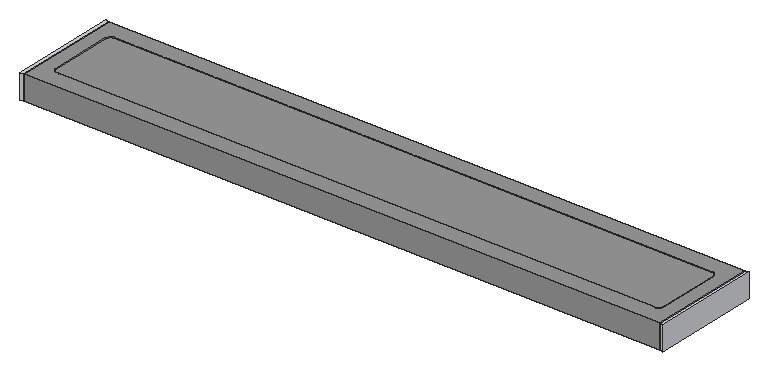
Revit family "0044071 Sylvania Lighting Fixture OPTIX S 1200 MPO DI HO 4000K WHITE", category Lighting Fixtures, host Face, Revit 2016
Family settings
  Host = Face
  Part Type = Normal
  Round Connector Dimension = Use Diameter
  OmniClass Number = 23.80.70.00
  OmniClass Title = Lighting
  Cut with Voids When Loaded = No
  Light Source = Yes
  Shared = No
  Room Calculation Point = No
Parameters (values of type "0044071 OPTIX S 1200 MPO D/I HO 4K WHITE")
  spacer height = 5 mm
  spacer centres = 1000 mm
  lens width = 1135 mm
  full length = 1200 mm
  Width = 200 mm
  Weight = "n/a"
  Wattage Comments = ""
  Wattage = 9.2903 W
  WarrantyStartDate [instance] = "n/a"
  WarrantyGuarantorParts = "n/a"
  WarrantyDurationUnit = "n/a"
  WarrantyDurationParts = ""
  WarrantyDescription = "http://www.sylvania-lighting.com"
  built-in parameter 1150110 = 1 (stored number, unit not read)
  Voltage = 0 V
  URL = "0.95"
  TypeName = "OPTIX S 1200 MPO D/I HO 4000K WHITE"
  Type Image = <None>
  Type Comments = "n/a"
  built-in parameter 1114217 = 1 (stored number, unit not read)
  Tilt Angle = 90.00°
  built-in parameter 1150109 = 1 (stored number, unit not read)
  built-in parameter 1150134 = 3
  built-in parameter 1150113 = 1 (stored number, unit not read)
  SerialNumber [instance] = "n/a"
  Photometric Web File = "0044071.ies"
  Material_3_FEILO = none
  PowerFactor = 0
  PowerConsumption = "Lighting"
  NominalLength = 200 mm
  NominalHeight = 0 mm
  NominalDepth = 0 mm
  Name = "OPTIX S 1200 MPO D/I HO 4000K WHITE"
  ModelReference = Name  # "OPTIX S 1200 MPO D/I HO 4000K WHITE"
  ModelNumber = "0044071"
  Model = Name  # "OPTIX S 1200 MPO D/I HO 4000K WHITE"
  Material = "Feilo Sylvania"
  ManufacturerName = "131 lm/W"
  Manufacturer = ""
  LuminousEfficacy = ""
  built-in parameter 1150105 = 109.82 (stored number, unit not read)
  Lumens = 1380 lm
  LuminaireType = "0"
  built-in parameter 1150115 = 1 (stored number, unit not read)
  LightOutputRatio = "LED"
  built-in parameter 1150137 = (empty or 0)
  built-in parameter 1150139 = (empty or 0)
  Lens Width = 135 mm
  Length = 1188 mm
  LampsType = Lamp  # "n/a"
  LampNominalLuminous = "4000 K"
  LampMacAdamStep = "80"
  LampColourTemperature = "LED"
  LampColourRenderingIndex = "16500"
  built-in parameter 1150112 = 1 (stored number, unit not read)
  built-in parameter 1150114 = 1 (stored number, unit not read)
  Lamp = "n/a"
  Keynote = "n/a"
  InstallationDate [instance] = "n/a"
  InputVoltage = "0"
  InputNominalFrequency = "4000"
  built-in parameter 1150132 = (empty or 0)
  built-in parameter 1150102 = (empty or 0)
  built-in parameter 1150107 = 3200 (stored number, unit not read)
  built-in parameter 1150138 = (empty or 0)
  IngressProtection = "IfcLightFixtureType"
  ImpactProtectionIndex = "IfcLightFixtureType"
  built-in parameter 1150106 = 1.0982 (stored number, unit not read)
  IfcExportType = "IfcLightFixtureType"
  IfcExportAs = "Class I"
  Height = 50 mm
  ExpectedLife = 50000
  Emit from Circle Diameter = 609.6 mm
  Emit Shape Visible in Rendering = no
  ElectricShockClassification = "131"
  built-in parameter 1150104 = 13.8 (stored number, unit not read)
  DurationUnit = "hours"
  DocumentationLiterature = "http://www.sylvania-lighting.com/product/en-int/products/0044071"
  DimmingControlOptions = "n/a"
  Material_2_FEILO = none
  Dimming Lamp Color Temperature Shift = <None>
  Description = "OPTIX S 1200 MPO D/I HO 4K WHITE is a high efficacy low glare surface or suspended LED Linear luminaire with Micro Prismatic Optic, with direct/indirect light distribution, luminaire dimensions: 1200x200x50mm, Sylvania White body colour (RAL9016), IP20, IK07, Constant Current driver, low LED flicker (+/-5%), Neutral White (4000K) LED Colour Temperature, 5770lm luminous flux, 44W power consumption, 131lm/W system efficacy, CRI>80, SDCM 3 (3-step MacAdam ellipse) LED Colour Consistency, UGR<18, Luminance at 65° < 3000 cd/m2, lumen maintenance: L90B50 at 60000h, photobiological safety risk group 1. Electrical protection Class I."
  Default Elevation = 1219.2 mm
  CreatedOn = "20/10/2020"
  CreatedBy = "@sylvania-lighting.com"
  Cost = 0
  Color Filter = 16777215
  built-in parameter 1114216 [instance] = (empty or 0)
  ClassificationValue = "EF_70_80"
  ClassificationName = "Uniclass2015"
  Material_1_FEILO = none
  BarCode [instance] = "n/a"
  built-in parameter 1114218 = 1 (stored number, unit not read)
  built-in parameter 1150133 = 10 (stored number, unit not read)
  AssetType = "Fixed"
  AssetIdentifier [instance] = "n/a"
  Assembly Code = "D5020200"
  Apparent Load = 44 VA
  Material_4_FEILO = none
Reference planes
  plane 1 "Center (Front/Back)": y = 0
  plane 2: z = 0
  plane 3 "Center (Left/Right)": x = 0
  plane 4: z = 0
  plane 5: z = 50
  plane 6: y = 100
  plane 7: y = -100
  plane 8: x = -594
  plane 9: x = 594
  plane 10: z = 5
  plane 11: x = -500
  plane 12: x = 500
  plane 13: y = 10
  plane 14: y = -10
  plane 15: x = 487.5
  plane 16: x = 512.5
  plane 17: x = -512.5
  plane 18: x = -487.5
  plane 19: x = -567.5
  plane 20: x = 567.5
  plane 21: y = 67.5
  plane 22: y = -67.5
  plane 23: x = -557.5
  plane 24: y = 57.5
  plane 25: y = -57.5
  plane 26: x = 557.5
  plane 27: x = -600
  plane 28: x = 600
Forms (mm)
  Extrusion 1, solid, material "Aluminum 1100-H18", detail levels medium+fine
    sketch origin (4.2, 0, 0) x (1, 0, 0) y (0, 1, 0)
      loop
        line (-598.2, 100) -> (-598.2, -100) -> (589.8, -100) -> (589.8, 100) -> (-598.2, 100)
    from 5 to 50
  Extrusion 2, solid
    sketch origin (4.2, 0, 0) x (1, 0, 0) y (0, 1, 0)
      loop
        line (483.3, 10) -> (483.3, -10) -> (508.3, -10) -> (508.3, 10) -> (483.3, 10)
    from 0 to 5
  Extrusion 3, solid
    sketch origin (4.2, 0, 0) x (1, 0, 0) y (0, 1, 0)
      loop
        line (-516.7, 10) -> (-516.7, -10) -> (-491.7, -10) -> (-491.7, 10) -> (-516.7, 10)
    from 0 to 5
  Extrusion 4, void, detail levels fine
    sketch origin (4.2, 0, 0) x (0, 1, 0) y (1, 0, 0)
      loop
        line (67.5, -561.7) -> (67.5, 553.3)
        arc (67.5, 553.3) -> (64.571, 560.371) -> (57.5, 563.3) r 10
        line (57.5, 563.3) -> (-57.5, 563.3)
        arc (-57.5, 563.3) -> (-64.571, 560.371) -> (-67.5, 553.3) r 10
        line (-67.5, 553.3) -> (-67.5, -561.7)
        arc (-67.5, -561.7) -> (-64.571, -568.771) -> (-57.5, -571.7) r 10
        line (-57.5, -571.7) -> (57.5, -571.7)
        arc (57.5, -571.7) -> (64.571, -568.771) -> (67.5, -561.7) r 10
    from -50 to -48
  Extrusion 5, solid, detail levels medium+fine
    sketch origin (4.2, 0, 0) x (1, 0, 0) y (0, 1, 0)
      loop
        line (-604.2, 100) -> (-604.2, -100) -> (-598.2, -100) -> (-598.2, 100) -> (-604.2, 100)
    from 5 to 50
  Extrusion 6, solid, detail levels medium+fine
    sketch origin (4.2, 0, 0) x (1, 0, 0) y (0, 1, 0)
      loop
        line (589.8, 100) -> (589.8, -100) -> (595.8, -100) -> (595.8, 100) -> (589.8, 100)
    from 5 to 50
  Extrusion 7, solid, material "Glass, White, High Luminance", detail levels fine
    sketch origin (4.2, 0, 0) x (1, 0, 0) y (0, 1, 0)
      loop
        arc (-561.7, 67.5) -> (-568.771, 64.571) -> (-571.7, 57.5) r 10
        line (-571.7, 57.5) -> (-571.7, -57.5)
        arc (-571.7, -57.5) -> (-568.771, -64.571) -> (-561.7, -67.5) r 10
        line (-561.7, -67.5) -> (553.3, -67.5)
        arc (553.3, -67.5) -> (560.371, -64.571) -> (563.3, -57.5) r 10
        line (563.3, -57.5) -> (563.3, 57.5)
        arc (563.3, 57.5) -> (560.371, 64.571) -> (553.3, 67.5) r 10
        line (553.3, 67.5) -> (-561.7, 67.5)
    from 48 to 49.5
  Extrusion 8, solid, detail levels coarse
    sketch origin (4.2, 0, 0) x (1, 0, 0) y (0, 1, 0)
      loop
        line (-604.2, 100) -> (-604.2, -100) -> (595.8, -100) -> (595.8, 100) -> (-604.2, 100)
    from 0 to 50
Cuts and joins
  Extrusion 4 cuts Extrusion 2
  Extrusion 4 cuts Extrusion 3
  Extrusion 4 cuts Extrusion 1
Dimensions and locks
  "Width": plane 6 to plane 7
  equal spacing: plane 6, plane 1 "Center (Front/Back)", plane 7
  "Length": plane 8 to plane 9
  equal spacing: plane 8, plane 3 "Center (Left/Right)", plane 9
  "spacer height": plane 10 to host face
  "Height": plane 5 to level
  "spacer centres": plane 11 to plane 12
  equal spacing: plane 11, plane 3 "Center (Left/Right)", plane 12
  "lens width": plane 19 to plane 20
  equal spacing: plane 19, plane 3 "Center (Left/Right)", plane 20
  "Lens Width": plane 21 to plane 22
  equal spacing: plane 21, plane 1 "Center (Front/Back)", plane 22
  "full length": plane 27 to plane 28
  equal spacing: plane 27, plane 3 "Center (Left/Right)", plane 28
  aligned and locked: plane 2 to host face
  aligned and locked: level to host face
Automatic sketch dimensions
  host sketch curve to host sketch curve = 2438.4 mm  (x2)
  Extrusion 1 sketch curve to plane 7 = 0 mm
  Extrusion 1 sketch curve to plane 8 = 0 mm
  Extrusion 1 sketch curve to plane 9 = 0 mm
  Extrusion 1 sketch curve to plane 6 = 0 mm
  Extrusion 2 sketch curve to plane 14 = 0 mm
  Extrusion 2 sketch curve to plane 15 = 0 mm
  Extrusion 2 sketch curve to plane 16 = 0 mm
  Extrusion 2 sketch curve to plane 13 = 0 mm
  Extrusion 3 sketch curve to plane 14 = 0 mm
  Extrusion 3 sketch curve to plane 17 = 0 mm
  Extrusion 3 sketch curve to plane 18 = 0 mm
  Extrusion 3 sketch curve to plane 13 = 0 mm
  Extrusion 4 sketch curve to plane 22 = 0 mm
  Extrusion 4 sketch curve to plane 19 = 0 mm
  Extrusion 4 sketch curve to plane 25 = 0 mm  (x2)
  Extrusion 4 sketch curve to plane 20 = 0 mm
  Extrusion 4 sketch curve to plane 24 = 0 mm  (x2)
  Extrusion 4 sketch curve to plane 23 = 0 mm
  Extrusion 5 sketch curve to plane 7 = 0 mm
  Extrusion 5 sketch curve to plane 27 = 0 mm
  Extrusion 5 sketch curve to plane 8 = 0 mm
  Extrusion 5 sketch curve to plane 6 = 0 mm
  Extrusion 6 sketch curve to plane 7 = 0 mm
  Extrusion 6 sketch curve to plane 9 = 0 mm
  Extrusion 6 sketch curve to plane 28 = 0 mm
  Extrusion 6 sketch curve to plane 6 = 0 mm
  Extrusion 7 sketch curve to plane 23 = 0 mm  (x2)
  Extrusion 7 sketch curve to plane 21 = 0 mm
  Extrusion 7 sketch curve to plane 22 = 0 mm
  Extrusion 7 sketch curve to plane 26 = 0 mm  (x2)
  Extrusion 7 sketch curve to plane 20 = 0 mm
  Extrusion 7 sketch curve to plane 24 = 0 mm
  Extrusion 8 sketch curve to plane 7 = 0 mm
  Extrusion 8 sketch curve to plane 27 = 0 mm
  Extrusion 8 sketch curve to plane 28 = 0 mm
  Extrusion 8 sketch curve to plane 6 = 0 mm
Connectors
  electrical at (0, 0, 0), driven by "Apparent Load", driven by "PowerFactor", driven by "Voltage"
    settings: index 1, voltage 0 V, apparent load 44 VA, apparent load phase1 0 VA, apparent load phase2 0 VA, apparent load phase3 0 VA, power factor 0, load classification "Lighting", number of poles 1, system type 30, power factor state 1, is connector primary yes, connector utility no, sub classification motor no, connector description ""
